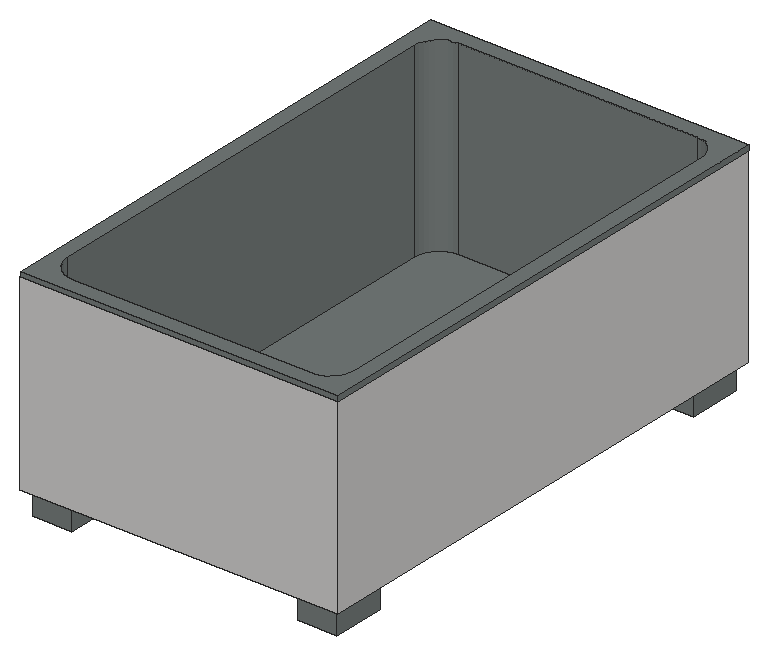
Revit family "QF_Vollrath 71001", category Specialty Equipment, Revit 2016
Family settings
  Part Type = Normal
  Round Connector Dimension = Use Diameter
  OmniClass Number = 23.40.40.11.31
  OmniClass Title = Steam Tables
  Work Plane-Based = No
  Always vertical = Yes
  Cut with Voids When Loaded = No
  Shared = No
  Room Calculation Point = No
Parameters (values of type "71001")
  Width = 13.75"
  Weight in Pounds = 19.85
  Watts = 700 W
  Watermarked By = "http://revitwatermark.com"
  Volts = 120 V
  URL Cutsheet = ""
  URL = "www.vollrathco.com"
  Status [instance] = ""
  Specification by User [instance] = ""
  Specification by Manufacturer = ""
  Serial Number [instance] = ""
  Seismic Rating [instance] = ""
  Revision Code [instance] = ""
  Phase = 1
  Number of Poles [instance] = 1
  NAFEM Spec ID Number [instance] = ""
  Model = "71001"
  Masterspec = ""
  Manufacturer = "Vollrath"
  Leg Height = 1.00"
  Item Number [instance] = ""
  Installed By [instance] = ""
  Height AFF [instance] = 36.00"
  Height = 9.00"
  Furnished By [instance] = ""
  Foodservice Equipment Identifier [instance] = yes
  FL Amps = 5.8 A
  Electrical Remarks [instance] = ""
  Electric Connection Type [instance] = ""
  Elec Conn RI Height [instance] = 0.00"
  Elec Conn Connection Height = 2.00"
  Description = "Warmer, Food Electric"
  Depth = 21.75"
  Cycle = 60 Hz
  Conn Plug = "NEMA 5-20P"
  CSI MasterFormat = "11 42 13"
  Assembly Code = "E1090320"
  Apparent Power = if(Phase = 3, Volts * FL Amps * 1.73, Volts * FL Amps)  # 696 VA
Reference planes (in)
  plane 1: z = 0
  plane 2 "LEFT": x = 48
  plane 3 "BACK": y = -48
  plane 4 "BOTTOM": z = 36
  plane 5 "RIGHT": x = 61.75
  plane 6 "FRONT": y = -69.75
  plane 7 "TOP": z = 45
  plane 8: z = 37
  plane 9: x = 60.75
  plane 10: x = 49
  plane 11: y = -49
  plane 12: y = -68.75
  plane 13: x = 61.37
  plane 14: x = 48.38
  plane 15: y = -48.38
  plane 16: y = -69.37
  plane 17: x = 60.88
  plane 18: x = 48.87
  plane 19: y = -48.87
  plane 20: y = -68.88
  plane 21: z = 37.26444
  plane 22: z = 44.78767
  plane 23: y = -50.83036
  plane 24: x = 50.25
  plane 25: x = 54.875
  plane 26: y = -58.875
  plane 27: y = -48.67395
  plane 28: x = 48.63915
  plane 29: y = -50.83036
  plane 30: x = 59.5
  plane 31: y = -48.67395
  plane 32: x = 61.11085
  plane 33: y = -66.91964
  plane 34: x = 50.25
  plane 35: y = -69.07605
  plane 36: x = 48.63915
  plane 37: y = -66.91964
  plane 38: x = 59.5
  plane 39: y = -69.07605
  plane 40: x = 61.11085
Forms (in)
  Extrusion 1, solid, material "QF_Finishes_Black"
    sketch origin (0, 0, 0) x (1, 0, 0) y (0, 1, 0)
      loop
        line (48.38, -48.38) -> (48.38, -69.37) -> (61.37, -69.37) -> (61.37, -48.38) -> (48.38, -48.38)
      loop
        arc (50, -49) -> (49.29289, -49.29289) -> (49, -50) r 1
        line (49, -50) -> (49, -67.75)
        arc (49, -67.75) -> (49.29289, -68.45711) -> (50, -68.75) r 1
        line (50, -68.75) -> (59.75, -68.75)
        arc (59.75, -68.75) -> (60.45711, -68.45711) -> (60.75, -67.75) r 1
        line (60.75, -67.75) -> (60.75, -50)
        arc (60.75, -50) -> (60.45711, -49.29289) -> (59.75, -49) r 1
        line (59.75, -49) -> (50, -49)
    from 44.78767 to 45
  Extrusion 2, solid, material "QF_Finishes_Stainless Steel"
    sketch origin (0, 0, 0) x (1, 0, 0) y (0, 1, 0)
      loop
        line (48.38, -48.38) -> (48.38, -69.37) -> (61.37, -69.37) -> (61.37, -48.38) -> (48.38, -48.38)
      loop
        line (48.87, -50) -> (48.87, -67.75)
        arc (48.87, -67.75) -> (49.20097, -68.54903) -> (50, -68.88) r 1.13
        line (50, -68.88) -> (59.75, -68.88)
        arc (59.75, -68.88) -> (60.54903, -68.54903) -> (60.88, -67.75) r 1.13
        line (60.88, -67.75) -> (60.88, -50)
        arc (60.88, -50) -> (60.54903, -49.20097) -> (59.75, -48.87) r 1.13
        line (59.75, -48.87) -> (50, -48.87)
        arc (50, -48.87) -> (49.20097, -49.20097) -> (48.87, -50) r 1.13
    from 37 to 44.78767
  Extrusion 3, solid, material "QF_Finishes_Black"
    sketch origin (0, 0, 0) x (1, 0, 0) y (0, 1, 0)
      loop
        line (49, -50) -> (49, -67.75)
        arc (49, -67.75) -> (49.29289, -68.45711) -> (50, -68.75) r 1
        line (50, -68.75) -> (59.75, -68.75)
        arc (59.75, -68.75) -> (60.45711, -68.45711) -> (60.75, -67.75) r 1
        line (60.75, -67.75) -> (60.75, -50)
        arc (60.75, -50) -> (60.45711, -49.29289) -> (59.75, -49) r 1
        line (59.75, -49) -> (50, -49)
        arc (50, -49) -> (49.29289, -49.29289) -> (49, -50) r 1
      loop
        line (48.87, -50) -> (48.87, -67.75)
        arc (48.87, -67.75) -> (49.20097, -68.54903) -> (50, -68.88) r 1.13
        line (50, -68.88) -> (59.75, -68.88)
        arc (59.75, -68.88) -> (60.54903, -68.54903) -> (60.88, -67.75) r 1.13
        line (60.88, -67.75) -> (60.88, -50)
        arc (60.88, -50) -> (60.54903, -49.20097) -> (59.75, -48.87) r 1.13
        line (59.75, -48.87) -> (50, -48.87)
        arc (50, -48.87) -> (49.20097, -49.20097) -> (48.87, -50) r 1.13
    from 37 to 45
  Extrusion 4, solid, material "QF_Finishes_Black"
    sketch origin (0, 0, 0) x (1, 0, 0) y (0, 1, 0)
      loop
        line (48.87, -50) -> (48.87, -67.75)
        arc (48.87, -67.75) -> (49.20097, -68.54903) -> (50, -68.88) r 1.13
        line (50, -68.88) -> (59.75, -68.88)
        arc (59.75, -68.88) -> (60.54903, -68.54903) -> (60.88, -67.75) r 1.13
        line (60.88, -67.75) -> (60.88, -50)
        arc (60.88, -50) -> (60.54903, -49.20097) -> (59.75, -48.87) r 1.13
        line (59.75, -48.87) -> (50, -48.87)
        arc (50, -48.87) -> (49.20097, -49.20097) -> (48.87, -50) r 1.13
    from 37 to 37.26444
  Extrusion 5, solid, material "QF_Finishes_Black"
    sketch origin (0, 0, 0) x (1, 0, 0) y (0, 1, 0)
      loop
        line (48.63915, -48.67395) -> (48.63915, -50.83036) -> (50.25, -50.83036) -> (50.25, -48.67395) -> (48.63915, -48.67395)
    from 36 to 37
  Extrusion 6, solid, material "QF_Finishes_Black"
    sketch origin (109.75, 0, 0) x (-1, 0, 0) y (0, -1, 0)
      loop
        line (48.63915, 48.67395) -> (50.25, 48.67395) -> (50.25, 50.83036) -> (48.63915, 50.83036) -> (48.63915, 48.67395)
    from 36 to 37
  Extrusion 7, solid, material "QF_Finishes_Black"
    sketch origin (0, -117.75, 0) x (1, 0, 0) y (0, 1, 0)
      loop
        line (48.63915, 48.67395) -> (50.25, 48.67395) -> (50.25, 50.83036) -> (48.63915, 50.83036) -> (48.63915, 48.67395)
    from 36 to 37
  Extrusion 8, solid, material "QF_Finishes_Black"
    sketch origin (109.75, -117.75, 0) x (-1, 0, 0) y (0, -1, 0)
      loop
        line (48.63915, -48.67395) -> (48.63915, -50.83036) -> (50.25, -50.83036) -> (50.25, -48.67395) -> (48.63915, -48.67395)
    from 36 to 37
  Extrusion 9, solid, material "QF_Finishes_Stainless Steel"
    sketch origin (0, -48, 0) x (1, 0, 0) y (0, 0, 1)
      loop
        circle (50.25, 37.90229) r 0.25
    from 0 to 0.38
Cuts and joins
  joined: Extrusion 1, Extrusion 3
Dimensions and locks (in)
  "Height AFF": plane 4 "BOTTOM" to level
  "Depth": plane 6 "FRONT" to plane 3 "BACK"
  "Height": plane 7 "TOP" to plane 4 "BOTTOM"
  "Leg Height": plane 8 to plane 4 "BOTTOM"
  locked: plane 21 to plane 8 at 0.26444
  locked: plane 7 "TOP" to plane 22 at 0.21233
  plane 3 "BACK" to Extrusion 1 = 21.37"
  equal spacing: plane 6 "FRONT", plane 26, plane 3 "BACK"
  equal spacing: plane 2 "LEFT", plane 25, plane 5 "RIGHT"
  "Width": plane 2 "LEFT" to plane 5 "RIGHT"
  radius of Extrusion 1 sketch curve = 1.00"
  aligned and locked: level to plane 1
  aligned and locked: plane 11 to Extrusion 1 sketch curve
  aligned and locked: plane 10 to Extrusion 1 sketch curve
  aligned and locked: plane 12 to Extrusion 1 sketch curve
  aligned and locked: Extrusion 1 sketch curve to plane 9
  aligned and locked: plane 15 to Extrusion 2 sketch curve
  aligned and locked: plane 14 to Extrusion 2 sketch curve
  aligned and locked: plane 16 to Extrusion 2 sketch curve
  aligned and locked: Extrusion 2 sketch curve to plane 13
  aligned and locked: Extrusion 3 sketch curve to Extrusion 1  (x4)
  aligned and locked: plane 20 to Extrusion 2
  aligned and locked: plane 18 to Extrusion 2
  aligned and locked: Extrusion 2 to plane 19
  aligned and locked: plane 17 to Extrusion 2
  aligned and locked: Extrusion 3 sketch curve to Extrusion 2  (x4)
  aligned and locked: Extrusion 4 to plane 8
  aligned and locked: Extrusion 3 to plane 8
  aligned and locked: plane 21 to Extrusion 4
  aligned and locked: Extrusion 2 to plane 8
  aligned and locked: Extrusion 1 to Extrusion 2
  aligned and locked: plane 7 "TOP" to Extrusion 1
  aligned and locked: Extrusion 1 to plane 22
  aligned: Extrusion 3 to Extrusion 4
  aligned and locked: Extrusion 1 to Extrusion 3
  aligned and locked: Extrusion 5 sketch curve to plane 27
  aligned and locked: plane 28 to Extrusion 5 sketch curve
  aligned and locked: plane 23 to Extrusion 5 sketch curve
  aligned and locked: plane 24 to Extrusion 5 sketch curve
  aligned and locked: plane 31 to Extrusion 6 sketch curve
  aligned and locked: Extrusion 6 sketch curve to plane 32
  aligned and locked: Extrusion 6 sketch curve to plane 29
  aligned and locked: Extrusion 6 sketch curve to plane 30
  aligned and locked: plane 35 to Extrusion 7 sketch curve
  aligned and locked: Extrusion 7 sketch curve to plane 36
  aligned and locked: Extrusion 7 sketch curve to plane 33
  aligned and locked: Extrusion 7 sketch curve to plane 34
  aligned and locked: Extrusion 8 sketch curve to plane 39
  aligned and locked: plane 40 to Extrusion 8 sketch curve
  aligned and locked: plane 37 to Extrusion 8 sketch curve
  aligned and locked: plane 38 to Extrusion 8 sketch curve
  aligned and locked: plane 8 to Extrusion 7
  aligned and locked: Extrusion 7 to plane 4 "BOTTOM"
  aligned and locked: plane 8 to Extrusion 5
  aligned and locked: Extrusion 5 to plane 4 "BOTTOM"
  aligned and locked: plane 8 to Extrusion 8
  aligned and locked: Extrusion 8 to plane 4 "BOTTOM"
  aligned and locked: plane 8 to Extrusion 6
  aligned and locked: Extrusion 6 to plane 4 "BOTTOM"
  aligned and locked: plane 14 to Extrusion 1 sketch curve
  aligned and locked: Extrusion 1 sketch curve to plane 13
  aligned and locked: plane 16 to Extrusion 1 sketch curve
Automatic sketch dimensions
  Extrusion 2 sketch curve to plane 18 = 0.00"
  Extrusion 2 sketch curve to plane 20 = 0.00"
  Extrusion 2 sketch curve to plane 19 = 0.00"
  Extrusion 2 sketch curve to plane 17 = 0.00"
  plane 24 to Extrusion 2 sketch curve = 0.25"  (x2)
  plane 30 to Extrusion 2 sketch curve = 0.25"  (x2)
  plane 24 to Extrusion 9 sketch curve = 0.00"
  plane 21 to Extrusion 9 sketch curve = 0.63785"
  Extrusion 1 sketch curve to plane 12 = 0.00"
  plane 15 to Extrusion 1 sketch curve = 0.00"
  plane 24 to Extrusion 1 sketch curve = 0.25"
  plane 30 to Extrusion 1 sketch curve = 0.25"  (x2)
  radius of Extrusion 9 sketch curve = 0.25"
Connectors (in)
  electrical at (50.25, -48, 37.90229), driven by "Number of Poles", driven by "Volts", driven by "Apparent Power"
    settings: on Extrusion 9, index 1, voltage 120 V, apparent load 696 VA, apparent load phase1 0 VA, apparent load phase2 0 VA, apparent load phase3 0 VA, power factor 1, load classification "Other", number of poles 1, system type 30, power factor state 1, is connector primary yes, connector utility no, sub classification motor no, connector description "Electric Connection"
